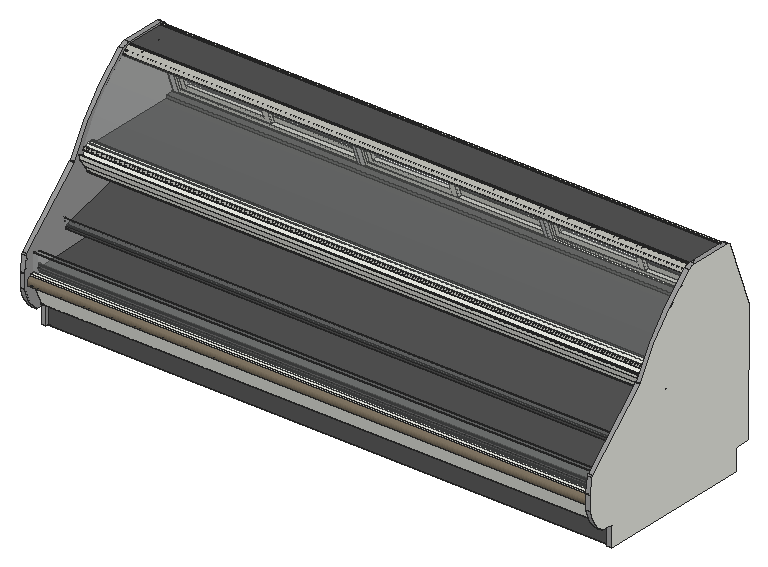
Revit family "CR3-B_2014", category Specialty Equipment, Revit 2014 (continued)
Automatic sketch dimensions
  Extrusion 4 sketch curve to Extrusion 4 sketch curve = 1/16"
  Extrusion 4 sketch curve to Extrusion 4 sketch curve = 0.00996"
  Extrusion 4 sketch curve to Extrusion 4 sketch curve = 0.06037"
  Extrusion 4 sketch curve to Extrusion 4 sketch curve = 1.03228"
  Extrusion 4 sketch curve to Extrusion 4 sketch curve = 0.002"
  Extrusion 4 sketch curve to Extrusion 4 sketch curve = 0.07433"
  Extrusion 4 sketch curve to Extrusion 4 sketch curve = 0.05894"
  Extrusion 4 sketch curve to Extrusion 4 sketch curve = 0.942"
  Extrusion 4 sketch curve to Extrusion 4 sketch curve = 0.437"
  Extrusion 4 sketch curve to Extrusion 4 sketch curve = 1.30099"
  Extrusion 4 sketch curve to Extrusion 4 sketch curve = 0.321"  (x2)
  Extrusion 4 sketch curve to Extrusion 4 sketch curve = 0.3835"
  Extrusion 4 sketch curve to Extrusion 4 sketch curve = 0.33171"
  Extrusion 4 sketch curve to Extrusion 4 sketch curve = 0.48743"
  Extrusion 4 sketch curve to Extrusion 4 sketch curve = 0.0925"  (x2)
  Extrusion 4 sketch curve to Extrusion 4 sketch curve = 0.71176"
  Extrusion 4 sketch curve to Extrusion 4 sketch curve = 0.95999"
  level to Extrusion 4 sketch curve = 7.41108"
  Extrusion 4 sketch curve to Extrusion 4 sketch curve = 0.70692"
  Extrusion 4 sketch curve to Extrusion 4 sketch curve = 0.92046"
  Extrusion 4 sketch curve to Extrusion 4 sketch curve = 0.03"
  Extrusion 4 sketch curve to Extrusion 4 sketch curve = 0.57125"
  Extrusion 4 sketch curve to Extrusion 4 sketch curve = 0.01129"
  Extrusion 4 sketch curve to Extrusion 4 sketch curve = 0.18131"
  Extrusion 4 sketch curve to Extrusion 4 sketch curve = 0.02229"
  Extrusion 4 sketch curve to Extrusion 4 sketch curve = 2.51608"
  Extrusion 4 sketch curve to Extrusion 4 sketch curve = 0.234"
  Extrusion 4 sketch curve to Extrusion 4 sketch curve = 3.88125"
  Extrusion 4 sketch curve to Extrusion 4 sketch curve = 0.91209"
  Extrusion 4 sketch curve to Extrusion 4 sketch curve = 0.01618"
  Extrusion 4 sketch curve to Extrusion 4 sketch curve = 0.09662"
  Extrusion 4 sketch curve to Extrusion 4 sketch curve = 0.11688"
  Extrusion 4 sketch curve to Extrusion 4 sketch curve = 1.62375"
  Extrusion 4 sketch curve to Extrusion 4 sketch curve = 0.1555"
  Extrusion 4 sketch curve to Extrusion 4 sketch curve = 0.062"
  Extrusion 4 sketch curve to Extrusion 4 sketch curve = 0.59641"
  Extrusion 4 sketch curve to Extrusion 4 sketch curve = 0.371"
  Extrusion 4 sketch curve to Extrusion 4 sketch curve = 0.24458"
  Extrusion 4 sketch curve to Extrusion 4 sketch curve = 12.24798"
  Extrusion 4 sketch curve to Extrusion 4 sketch curve = 0.00656"
  Extrusion 4 sketch curve to Extrusion 4 sketch curve = 0.39739"
  Extrusion 4 sketch curve to Extrusion 4 sketch curve = 0.32631"
  Extrusion 4 sketch curve to Extrusion 4 sketch curve = 0.39507"
  Extrusion 4 sketch curve to Extrusion 4 sketch curve = 2.2093"
  Extrusion 4 sketch curve to Extrusion 4 sketch curve = 0.96558"
  Extrusion 4 sketch curve to Extrusion 4 sketch curve = 0.01537"
  Extrusion 4 sketch curve to Extrusion 4 sketch curve = 1.40745"
  Extrusion 4 sketch curve to Extrusion 4 sketch curve = 1.95994"
  Extrusion 4 sketch curve to Extrusion 4 sketch curve = 0.22796"
  Extrusion 4 sketch curve to Extrusion 4 sketch curve = 0.43429"
  Extrusion 4 sketch curve to Extrusion 4 sketch curve = 0.4825"
  Extrusion 4 sketch curve to Extrusion 4 sketch curve = 0.17619"
  Extrusion 4 sketch curve to Extrusion 4 sketch curve = 0.12493"
  Extrusion 4 sketch curve to Extrusion 4 sketch curve = 1.46908"
  Extrusion 4 sketch curve to Extrusion 4 sketch curve = 0.03185"
  Extrusion 4 sketch curve to Extrusion 4 sketch curve = 2.01993"
  Extrusion 4 sketch curve to Extrusion 4 sketch curve = 0.68782"
  Extrusion 4 sketch curve to Extrusion 4 sketch curve = 0.00882"
  Extrusion 4 sketch curve to Extrusion 4 sketch curve = 0.37625"
  Extrusion 4 sketch curve to Extrusion 4 sketch curve = 0.06078"
  Extrusion 4 sketch curve to Extrusion 4 sketch curve = 0.07809"
  Extrusion 4 sketch curve to Extrusion 4 sketch curve = 4.12766"
  Extrusion 4 sketch curve to Extrusion 4 sketch curve = 0.01127"
  Extrusion 4 sketch curve to Extrusion 4 sketch curve = 0.16976"
  Extrusion 4 sketch curve to Extrusion 4 sketch curve = 0.01077"
  Extrusion 4 sketch curve to Extrusion 4 sketch curve = 0.25301"
  Extrusion 4 sketch curve to Extrusion 4 sketch curve = 0.0054"
  Extrusion 4 sketch curve to Extrusion 4 sketch curve = 0.11679"
  Extrusion 4 sketch curve to Extrusion 4 sketch curve = 35/128"
  Extrusion 4 sketch curve to Extrusion 4 sketch curve = 0.98246"
  Extrusion 4 sketch curve to Extrusion 4 sketch curve = 0.00402"
  Extrusion 4 sketch curve to Extrusion 4 sketch curve = 0.52991"
  Extrusion 4 sketch curve to Extrusion 4 sketch curve = 0.12516"
  Extrusion 4 sketch curve to Extrusion 4 sketch curve = 0.00521"
  Extrusion 4 sketch curve to Extrusion 4 sketch curve = 0.5022"
  Extrusion 4 sketch curve to Extrusion 4 sketch curve = 0.30902"
  Extrusion 4 sketch curve to Extrusion 4 sketch curve = 0.03957"
  Extrusion 4 sketch curve to Extrusion 4 sketch curve = 0.82"
  Extrusion 4 sketch curve to Extrusion 4 sketch curve = 0.0258"
  Extrusion 4 sketch curve to Extrusion 4 sketch curve = 0.03743"
  Extrusion 4 sketch curve to Extrusion 4 sketch curve = 0.03257"
  Extrusion 4 sketch curve to Extrusion 4 sketch curve = 0.03732"
  Extrusion 4 sketch curve to Extrusion 4 sketch curve = 0.15477"
  Extrusion 4 sketch curve to Extrusion 4 sketch curve = 0.04499"
  Extrusion 4 sketch curve to Extrusion 4 sketch curve = 0.435"  (x2)
  Extrusion 4 sketch curve to Extrusion 4 sketch curve = 0.50144"
  Extrusion 4 sketch curve to Extrusion 4 sketch curve = 0.00074"
  Extrusion 4 sketch curve to Extrusion 4 sketch curve = 0.03381"
  Extrusion 5 sketch curve to Extrusion 5 sketch curve = 0"  (x3)
  Extrusion 5 sketch curve to Extrusion 5 sketch curve = 0.06362"
  Extrusion 5 sketch curve to Extrusion 5 sketch curve = 0.07036"
  Extrusion 5 sketch curve to Extrusion 5 sketch curve = 0.03426"
  Extrusion 5 sketch curve to Extrusion 5 sketch curve = 0.0544"
  Extrusion 5 sketch curve to Extrusion 5 sketch curve = 0.06497"
  Extrusion 5 sketch curve to Extrusion 5 sketch curve = 0.03498"  (x2)
  Extrusion 5 sketch curve to Extrusion 5 sketch curve = 0.02998"
  Extrusion 5 sketch curve to Extrusion 5 sketch curve = 0.00096"
  Extrusion 5 sketch curve to Extrusion 5 sketch curve = 0.00112"
  Extrusion 5 sketch curve to Extrusion 5 sketch curve = 0.01358"
  plane 1 "Back" to Extrusion 5 sketch curve = 21.46057"
  Extrusion 5 sketch curve to Extrusion 5 sketch curve = 0.688"
  level to Extrusion 5 sketch curve = 14.03416"
  Extrusion 5 sketch curve to Extrusion 5 sketch curve = 0.42262"
  Extrusion 5 sketch curve to Extrusion 5 sketch curve = 0.0279"
  Extrusion 5 sketch curve to Extrusion 5 sketch curve = 0.6195"
  Extrusion 5 sketch curve to Extrusion 5 sketch curve = 0.00718"
  Extrusion 5 sketch curve to Extrusion 5 sketch curve = 0.43597"
  Extrusion 5 sketch curve to Extrusion 5 sketch curve = 0.01333"
  Extrusion 5 sketch curve to Extrusion 5 sketch curve = 9.29785"
  Extrusion 6 sketch curve to Extrusion 6 sketch curve = 0.06041"
  Extrusion 6 sketch curve to Extrusion 6 sketch curve = 0.16871"
  Extrusion 6 sketch curve to Extrusion 6 sketch curve = 0.06028"
  Extrusion 6 sketch curve to Extrusion 6 sketch curve = 0.00013"
  Extrusion 6 sketch curve to Extrusion 6 sketch curve = 0.01605"
  Extrusion 6 sketch curve to Extrusion 6 sketch curve = 0.20224"
  Extrusion 6 sketch curve to Extrusion 6 sketch curve = 0.04419"
  Extrusion 6 sketch curve to Extrusion 6 sketch curve = 0.06037"  (x4)
  Extrusion 6 sketch curve to Extrusion 6 sketch curve = 0.25343"
  Extrusion 6 sketch curve to Extrusion 6 sketch curve = 0.58875"
  Extrusion 6 sketch curve to Extrusion 6 sketch curve = 0.56443"
  Extrusion 6 sketch curve to Extrusion 6 sketch curve = 0.02594"
  Extrusion 6 sketch curve to Extrusion 6 sketch curve = 0.03864"
  Extrusion 6 sketch curve to Extrusion 6 sketch curve = 0.01757"
  Extrusion 6 sketch curve to Extrusion 6 sketch curve = 0.8447"
  Extrusion 6 sketch curve to Extrusion 6 sketch curve = 0.03897"
  Extrusion 6 sketch curve to Extrusion 6 sketch curve = 0.08331"
  Extrusion 6 sketch curve to Extrusion 6 sketch curve = 0.00906"  (x2)
  Extrusion 6 sketch curve to Extrusion 6 sketch curve = 0.03381"
  Extrusion 6 sketch curve to Extrusion 6 sketch curve = 0.08021"
  Extrusion 6 sketch curve to Extrusion 6 sketch curve = 0.03427"
  Extrusion 6 sketch curve to Extrusion 6 sketch curve = 0.03335"  (x2)
  Extrusion 6 sketch curve to Extrusion 6 sketch curve = 0.52078"
  Extrusion 6 sketch curve to Extrusion 6 sketch curve = 0.01551"
  Extrusion 6 sketch curve to Extrusion 6 sketch curve = 0.06761"
  Extrusion 6 sketch curve to Extrusion 6 sketch curve = 13.05208"
  Extrusion 6 sketch curve to Extrusion 6 sketch curve = 0.01618"  (x4)
  Extrusion 6 sketch curve to Extrusion 6 sketch curve = 0.19411"
  level to Extrusion 6 sketch curve = 19.52816"
  Extrusion 6 sketch curve to Extrusion 6 sketch curve = 0.04594"
  Extrusion 6 sketch curve to Extrusion 6 sketch curve = 0.00048"
  Extrusion 6 sketch curve to Extrusion 6 sketch curve = 0.06775"
  Extrusion 6 sketch curve to Extrusion 6 sketch curve = 0.09835"
  Extrusion 6 sketch curve to Extrusion 6 sketch curve = 0.03045"
  Extrusion 6 sketch curve to Extrusion 6 sketch curve = 0.11828"
  Extrusion 6 sketch curve to Extrusion 6 sketch curve = 0.06155"
  Extrusion 6 sketch curve to Extrusion 6 sketch curve = 0.19448"
  Extrusion 6 sketch curve to Extrusion 6 sketch curve = 0.00806"
  Extrusion 6 sketch curve to Extrusion 6 sketch curve = 0.73078"
  Extrusion 6 sketch curve to Extrusion 6 sketch curve = 0.04343"
  Extrusion 6 sketch curve to Extrusion 6 sketch curve = 0.15767"
  Extrusion 6 sketch curve to Extrusion 6 sketch curve = 0.03611"
  Extrusion 6 sketch curve to Extrusion 6 sketch curve = 0.29027"
  Extrusion 6 sketch curve to Extrusion 6 sketch curve = 0.02232"
  Extrusion 6 sketch curve to Extrusion 6 sketch curve = 3.49547"
  Extrusion 6 sketch curve to Extrusion 6 sketch curve = 0.72444"
  Extrusion 7 sketch curve to Extrusion 7 sketch curve = 0.12074"  (x2)
  Extrusion 7 sketch curve to Extrusion 7 sketch curve = 0.71175"
  Extrusion 7 sketch curve to Extrusion 7 sketch curve = 0.24152"
  level to Extrusion 7 sketch curve = 19.59182"
  Extrusion 7 sketch curve to Extrusion 7 sketch curve = 0.06457"
  Extrusion 7 sketch curve to Extrusion 7 sketch curve = 2.6563"
  Extrusion 7 sketch curve to Extrusion 7 sketch curve = 0.03235"
  Extrusion 8 sketch curve to Extrusion 8 sketch curve = 0.23743"
  Extrusion 8 sketch curve to Extrusion 8 sketch curve = 1/4"
  level to Extrusion 8 sketch curve = 13.11258"
  Extrusion 8 sketch curve to Extrusion 8 sketch curve = 5.49984"
  level to Extrusion 9 sketch curve = 11.47878"
  Extrusion 9 sketch curve to Extrusion 9 sketch curve = 1 1/4"
  level to Extrusion 12 sketch curve = 0.02008"
  Extrusion 12 sketch curve to Extrusion 12 sketch curve = 0.035"  (x3)
  Extrusion 12 sketch curve to level = 0.01492"  (x2)
  Extrusion 12 sketch curve to Extrusion 12 sketch curve = 29/64"
  Extrusion 12 sketch curve to Extrusion 12 sketch curve = 3/64"  (x2)
  Extrusion 12 sketch curve to Extrusion 12 sketch curve = 0.08188"
  plane 1 "Back" to Extrusion 12 sketch curve = 4.19387"
  level to Extrusion 12 sketch curve = 0.05241"
  Extrusion 12 sketch curve to Extrusion 12 sketch curve = 0.30277"
  level to Extrusion 12 sketch curve = 0.08467"
  Extrusion 12 sketch curve to Extrusion 12 sketch curve = 0.01862"
  Extrusion 12 sketch curve to Extrusion 12 sketch curve = 0.36323"
  level to Extrusion 12 sketch curve = 5/256"
  Extrusion 12 sketch curve to Extrusion 12 sketch curve = 0.00608"
  Extrusion 12 sketch curve to Extrusion 12 sketch curve = 3/8"  (x2)
  level to Extrusion 12 sketch curve = 0.45495"
  Extrusion 12 sketch curve to Extrusion 12 sketch curve = 0.01274"
  Extrusion 12 sketch curve to Extrusion 12 sketch curve = 4.68"
  Extrusion 12 sketch curve to Extrusion 12 sketch curve = 5.01739"
  Extrusion 16 sketch curve to Extrusion 16 sketch curve = 0.24987"
  level to Extrusion 16 sketch curve = 14.52078"
  Extrusion 16 sketch curve to Extrusion 16 sketch curve = 0.00803"
  Extrusion 19 sketch curve to Extrusion 19 sketch curve = 3.10211"
  Extrusion 19 sketch curve to Extrusion 19 sketch curve = 2.4486"
  Extrusion 19 sketch curve to Extrusion 19 sketch curve = 0.72957"
  Extrusion 19 sketch curve to Extrusion 19 sketch curve = 2.09477"
  Extrusion 19 sketch curve to Extrusion 19 sketch curve = 0.76243"
  Extrusion 20 sketch curve to Extrusion 20 sketch curve = 3.10211"
  Extrusion 20 sketch curve to Extrusion 20 sketch curve = 2.4486"
  Extrusion 20 sketch curve to Extrusion 20 sketch curve = 0.72957"
  Extrusion 20 sketch curve to Extrusion 20 sketch curve = 2.09477"
  Extrusion 20 sketch curve to Extrusion 20 sketch curve = 0.76243"
  Extrusion 25 sketch curve to Extrusion 25 sketch curve = 3.10211"
  Extrusion 25 sketch curve to Extrusion 25 sketch curve = 2.4486"
  Extrusion 25 sketch curve to Extrusion 25 sketch curve = 0.72957"
  Extrusion 25 sketch curve to Extrusion 25 sketch curve = 2.09477"
  Extrusion 25 sketch curve to Extrusion 25 sketch curve = 0.76243"
  Extrusion 26 sketch curve to Extrusion 26 sketch curve = 3.10211"
  Extrusion 26 sketch curve to Extrusion 26 sketch curve = 2.4486"
  Extrusion 26 sketch curve to Extrusion 26 sketch curve = 0.72957"
  Extrusion 26 sketch curve to Extrusion 26 sketch curve = 2.09477"
  Extrusion 26 sketch curve to Extrusion 26 sketch curve = 0.76243"
  Extrusion 27 sketch curve to Extrusion 27 sketch curve = 3.10211"
  Extrusion 27 sketch curve to Extrusion 27 sketch curve = 2.4486"
  Extrusion 27 sketch curve to Extrusion 27 sketch curve = 0.72957"
  Extrusion 27 sketch curve to Extrusion 27 sketch curve = 2.09477"
  Extrusion 27 sketch curve to Extrusion 27 sketch curve = 0.76243"
  Extrusion 31 sketch curve to Extrusion 31 sketch curve = 3.10211"
  Extrusion 31 sketch curve to Extrusion 31 sketch curve = 2.4486"
  Extrusion 31 sketch curve to Extrusion 31 sketch curve = 0.72957"
  Extrusion 31 sketch curve to Extrusion 31 sketch curve = 2.09477"
  Extrusion 31 sketch curve to Extrusion 31 sketch curve = 0.76243"
  Extrusion 32 sketch curve to Extrusion 32 sketch curve = 3.10211"
  Extrusion 32 sketch curve to Extrusion 32 sketch curve = 2.4486"
  Extrusion 32 sketch curve to Extrusion 32 sketch curve = 0.72957"
  Extrusion 32 sketch curve to Extrusion 32 sketch curve = 2.09477"
  Extrusion 32 sketch curve to Extrusion 32 sketch curve = 0.76243"
  Extrusion 33 sketch curve to Extrusion 33 sketch curve = 3.10211"
  Extrusion 33 sketch curve to Extrusion 33 sketch curve = 2.4486"
  Extrusion 33 sketch curve to Extrusion 33 sketch curve = 0.72957"
  Extrusion 33 sketch curve to Extrusion 33 sketch curve = 2.09477"
  Extrusion 33 sketch curve to Extrusion 33 sketch curve = 0.76243"
  Extrusion 37 sketch curve to Extrusion 37 sketch curve = 3.10211"
  Extrusion 37 sketch curve to Extrusion 37 sketch curve = 2.4486"
  Extrusion 37 sketch curve to Extrusion 37 sketch curve = 0.72957"
  Extrusion 37 sketch curve to Extrusion 37 sketch curve = 2.09477"
  Extrusion 37 sketch curve to Extrusion 37 sketch curve = 0.76243"
  Extrusion 38 sketch curve to Extrusion 38 sketch curve = 3.10211"
  Extrusion 38 sketch curve to Extrusion 38 sketch curve = 2.4486"
  Extrusion 38 sketch curve to Extrusion 38 sketch curve = 0.72957"
  Extrusion 38 sketch curve to Extrusion 38 sketch curve = 2.09477"
  Extrusion 38 sketch curve to Extrusion 38 sketch curve = 0.76243"
  Extrusion 41 sketch curve to Extrusion 41 sketch curve = 3.10211"
  Extrusion 41 sketch curve to Extrusion 41 sketch curve = 2.4486"
  Extrusion 41 sketch curve to Extrusion 41 sketch curve = 0.72957"
  Extrusion 41 sketch curve to Extrusion 41 sketch curve = 2.09477"
  Extrusion 41 sketch curve to Extrusion 41 sketch curve = 0.76243"
  Extrusion 42 sketch curve to Extrusion 42 sketch curve = 3.10211"
  Extrusion 42 sketch curve to Extrusion 42 sketch curve = 2.4486"
  Extrusion 42 sketch curve to Extrusion 42 sketch curve = 0.72957"
  Extrusion 42 sketch curve to Extrusion 42 sketch curve = 2.09477"
  Extrusion 42 sketch curve to Extrusion 42 sketch curve = 0.76243"
  Extrusion 4 sketch curve to Extrusion 4 sketch curve = 0.22465"
  Extrusion 4 sketch curve to Extrusion 4 sketch curve = 0.92417"
  Extrusion 4 sketch curve to Extrusion 4 sketch curve = 0.21425"
  plane 1 "Back" to Extrusion 4 sketch curve = 0.33657"
  plane 8 to Extrusion 4 sketch curve = 0.09572"
  Extrusion 4 sketch curve to Extrusion 4 sketch curve = 0.53"
  plane 8 to Extrusion 4 sketch curve = 3.18393"
  Extrusion 4 sketch curve to Extrusion 4 sketch curve = 0.05336"
  plane 8 to Extrusion 4 sketch curve = 3.50133"
  Extrusion 4 sketch curve to Extrusion 4 sketch curve = 0.785"
  Extrusion 4 sketch curve to Extrusion 4 sketch curve = 0.40118"
  Extrusion 4 sketch curve to Extrusion 4 sketch curve = 0.46779"
  Extrusion 4 sketch curve to plane 8 = 0.05343"
  Extrusion 4 sketch curve to plane 8 = 0.15672"
  plane 8 to Extrusion 10 sketch curve = 0.09233"
  plane 8 to Extrusion 10 sketch curve = 0.01698"
  Extrusion 10 sketch curve to plane 8 = 0.02831"
  Extrusion 10 sketch curve to Extrusion 10 sketch curve = 0.23622"
  Extrusion 10 sketch curve to Extrusion 10 sketch curve = 0.2303"
  level to Extrusion 11 sketch curve = 19.53233"
  plane 8 to Extrusion 11 sketch curve = 2.41645"
  Extrusion 11 sketch curve to Extrusion 11 sketch curve = 0.09901"
  Extrusion 11 sketch curve to Extrusion 11 sketch curve = 0.12395"
  Extrusion 11 sketch curve to Extrusion 11 sketch curve = 0.42972"
  Extrusion 11 sketch curve to Extrusion 11 sketch curve = 0.00406"
  Extrusion 11 sketch curve to Extrusion 11 sketch curve = 0.09396"
  Extrusion 11 sketch curve to Extrusion 11 sketch curve = 0.10363"
  Extrusion 11 sketch curve to Extrusion 11 sketch curve = 0.03523"
  Extrusion 11 sketch curve to Extrusion 11 sketch curve = 0.24706"
  Extrusion 11 sketch curve to Extrusion 11 sketch curve = 0.03896"
  Extrusion 11 sketch curve to Extrusion 11 sketch curve = 0.51233"
  Extrusion 11 sketch curve to Extrusion 11 sketch curve = 0.032"
  Extrusion 11 sketch curve to Extrusion 11 sketch curve = 0.07685"
  Extrusion 11 sketch curve to Extrusion 11 sketch curve = 0.11966"
  Extrusion 11 sketch curve to Extrusion 11 sketch curve = 0.00808"
  Extrusion 11 sketch curve to Extrusion 11 sketch curve = 0.04801"
  Extrusion 11 sketch curve to Extrusion 11 sketch curve = 0.04591"
  plane 8 to Extrusion 11 sketch curve = 0.34618"
  plane 8 to Extrusion 11 sketch curve = 0.26542"
  Extrusion 11 sketch curve to Extrusion 11 sketch curve = 0.03859"
  plane 8 to Extrusion 11 sketch curve = 0.09572"
  Extrusion 11 sketch curve to plane 8 = 0.13138"
  plane 8 to Extrusion 13 sketch curve = 18.06353"
  Extrusion 13 sketch curve to Extrusion 13 sketch curve = 0.3456"
  level to Extrusion 14 sketch curve = 19.53233"
  plane 8 to Extrusion 14 sketch curve = 17.70503"
  plane 9 to Extrusion 4 sketch curve = 6.06739"
  plane 9 to Extrusion 5 sketch curve = 3.77146"
  plane 9 to Extrusion 6 sketch curve = 12.37975"
  plane 9 to Extrusion 7 sketch curve = 11.90928"
  plane 9 to Extrusion 8 sketch curve = 1.89546"
  plane 9 to Extrusion 9 sketch curve = 0.9987"
  plane 9 to Extrusion 9 sketch curve = 1.27995"
  plane 8 to Extrusion 11 sketch curve = 17.50201"
  plane 9 to Extrusion 12 sketch curve = 7.25925"
  plane 9 to Extrusion 13 sketch curve = 20.82871"
  Extrusion 14 sketch curve to Extrusion 14 sketch curve = 13.37003"
  plane 9 to Extrusion 16 sketch curve = 3.59732"
  Extrusion 16 sketch curve to Extrusion 16 sketch curve = 0.12848"
  Extrusion 45 sketch curve to level = 0"
  Extrusion 45 sketch curve to plane 1 "Back" = 0"
  level to Extrusion 45 sketch curve = 4.82131"
  level to Extrusion 45 sketch curve = 5.0659"
  Extrusion 45 sketch curve to Extrusion 45 sketch curve = 1/2"  (x3)
  level to Extrusion 45 sketch curve = 8.20113"
  Extrusion 45 sketch curve to plane 9 = 0.56477"
  Extrusion 45 sketch curve to Extrusion 45 sketch curve = 5.99503"
  Extrusion 45 sketch curve to Extrusion 45 sketch curve = 7.97116"
  plane 9 to Extrusion 45 sketch curve = 0.13523"
  Extrusion 45 sketch curve to Extrusion 45 sketch curve = 3.55575"
  Extrusion 45 sketch curve to plane 9 = 0.55694"
  plane 9 to Extrusion 45 sketch curve = 0.71687"
  Extrusion 45 sketch curve to Extrusion 45 sketch curve = 3.85592"
  plane 9 to Extrusion 45 sketch curve = 0.0247"
  Extrusion 45 sketch curve to Extrusion 45 sketch curve = 0.10441"
  plane 9 to Extrusion 45 sketch curve = 0.23769"
  plane 8 to Extrusion 45 sketch curve = 19.4892"
  Extrusion 45 sketch curve to Extrusion 45 sketch curve = 0.51027"
  plane 8 to Extrusion 45 sketch curve = 16.3017"
  plane 8 to Extrusion 45 sketch curve = 2.47374"
  plane 8 to Extrusion 45 sketch curve = 0.17374"
  Extrusion 45 sketch curve to plane 8 = 0.06605"
  Extrusion 45 sketch curve to plane 8 = 0.52626"
  Extrusion 45 sketch curve to plane 1 "Back" = 16.495"
  Extrusion 45 sketch curve to Extrusion 45 sketch curve = 3.00118"
  plane 1 "Back" to Extrusion 45 sketch curve = 5.96807"
  Extrusion 45 sketch curve to Extrusion 45 sketch curve = 10.41409"
  plane 9 to Extrusion 45 sketch curve = 15.4361"
  Extrusion 45 sketch curve to Extrusion 45 sketch curve = 0.47919"
  plane 9 to Extrusion 45 sketch curve = 9.15022"
  Extrusion 45 sketch curve to Extrusion 45 sketch curve = 2.96898"
  Extrusion 45 sketch curve to Extrusion 45 sketch curve = 0"
  Extrusion 46 sketch curve to level = 0"
  Extrusion 46 sketch curve to plane 1 "Back" = 0"
  plane 1 "Back" to Extrusion 46 sketch curve = 1/2"
  Extrusion 46 sketch curve to Extrusion 46 sketch curve = 3.00118"
  plane 1 "Back" to Extrusion 46 sketch curve = 4.00118"
  Extrusion 46 sketch curve to plane 8 = 0.06605"
  plane 1 "Back" to Extrusion 46 sketch curve = 5.96807"
  Extrusion 46 sketch curve to plane 8 = 0.52626"
  Extrusion 46 sketch curve to Extrusion 46 sketch curve = 0.65765"
  plane 8 to Extrusion 46 sketch curve = 2.47374"
  Extrusion 46 sketch curve to Extrusion 46 sketch curve = 10.41409"
  plane 9 to Extrusion 46 sketch curve = 15.4361"
  Extrusion 46 sketch curve to Extrusion 46 sketch curve = 0.47919"
  plane 9 to Extrusion 46 sketch curve = 9.15022"
  plane 9 to Extrusion 46 sketch curve = 6.22457"
  Extrusion 46 sketch curve to Extrusion 46 sketch curve = 1/2"
  Extrusion 46 sketch curve to Extrusion 46 sketch curve = 2.46898"
  plane 9 to Extrusion 46 sketch curve = 0.71687"
  plane 9 to Extrusion 46 sketch curve = 0.23769"
  plane 9 to Extrusion 46 sketch curve = 0.13523"
  plane 9 to Extrusion 46 sketch curve = 0.0247"
  Extrusion 46 sketch curve to plane 9 = 0.55694"
  Extrusion 46 sketch curve to Extrusion 46 sketch curve = 1/128"
  level to Extrusion 46 sketch curve = 8.20113"
  Extrusion 46 sketch curve to plane 1 "Back" = 16.495"
  level to Extrusion 46 sketch curve = 4.82131"
  level to Extrusion 46 sketch curve = 5.0659"
  Extrusion 46 sketch curve to Extrusion 46 sketch curve = 5.99503"
  Extrusion 46 sketch curve to Extrusion 46 sketch curve = 3.55575"
  Extrusion 46 sketch curve to Extrusion 46 sketch curve = 3.85592"
  Extrusion 46 sketch curve to Extrusion 46 sketch curve = 0.10441"
  plane 8 to Extrusion 46 sketch curve = 19.4892"
  Extrusion 46 sketch curve to Extrusion 46 sketch curve = 0.51027"
  plane 8 to Extrusion 46 sketch curve = 16.3017"
  Extrusion 46 sketch curve to Extrusion 46 sketch curve = 0"
  Extrusion 1 sketch curve to Extrusion 1 sketch curve = 0"  (x2)
  Extrusion 2 sketch curve to Extrusion 2 sketch curve = 0"
  Extrusion 3 sketch curve to Extrusion 3 sketch curve = 0"
  curve 8 to plane 3 "Left" = 0"
  curve 8 to plane 6 "Right" = 0"
  plane 1 "Back" to curve 1 = 0"
  plane 1 "Back" to curve 4 = 0"
  plane 1 "Back" to curve 2 = 0"
  plane 1 "Back" to curve 3 = 0"
  plane 1 "Back" to curve 5 = 0"
  curve 3 to plane 9 = 1 5/16"
  curve 4 to plane 9 = 1 5/16"
  curve 2 to plane 9 = 1 5/16"
  curve 5 to plane 9 = 1 5/16"
  curve 1 to plane 9 = 1 5/16"
  Extrusion 15 sketch curve to Extrusion 15 sketch curve = 0"  (x3)
  plane 4 "Center (Left/Right)" to Extrusion 15 sketch curve = 5"
Nested families (in)
  nested 1: "Floor Support - Pegs" at (-75.99499, -30.6875, 0), type "Floor Support - Pegs"
  nested 2: "Floor Support - Pegs" at (65.38051, -30.6875, 0), type "Floor Support - Pegs"
  nested 3: "Service Doors - 110deg - 48" at (18.69301, -25.0591, 11.25191), visible <- "12 Case", type "Service Doors - 110deg - 48"
  nested 4: "Light" at (-5.30699, -5.50716, -2.18133), type "Light"
  nested 5: "Light" at (-5.30699, -20.5797, -21.84835), type "Light"
  nested 6: "Light" at (-5.30699, -27.6863, -31.8452), type "Light"
  nested 7: "Service Doors - 110deg - 48" at (-29.30699, -25.0591, 11.25191), visible <- "12 Case", type "Service Doors - 110deg - 48"
  nested 8: "Service Doors - 110deg - 48" at (-77.30699, -25.0591, 11.25191), visible <- "12 Case", type "Service Doors - 110deg - 48"
  nested 9: "Service Doors - 110deg - 48" at (18.69301, -25.0591, 11.25191), visible <- "12 Case", type "Service Doors - 110deg - 48", not visible
  nested 10: "Service Doors - 110deg - 48" at (-29.30699, -25.0591, 11.25191), visible <- "12 Case", type "Service Doors - 110deg - 48", not visible
  nested 11: "Service Doors - 110deg - 48" at (-77.30699, -25.0591, 11.25191), visible <- "12 Case", type "Service Doors - 110deg - 48", not visible
  nested 12: "Service Doors - 110deg - 48" at (-29.30699, -25.0591, 11.25191), visible <- "8 Case", type "Service Doors - 110deg - 48"
  nested 13: "Service Doors - 110deg - 48" at (-77.30699, -25.0591, 11.25191), visible <- "8 Case", type "Service Doors - 110deg - 48"
  nested 14: "Service Doors - 110deg - 48" at (-29.30699, -25.0591, 11.25191), visible <- "8 Case", type "Service Doors - 110deg - 48", not visible
  nested 15: "Service Doors - 110deg - 48" at (-77.30699, -25.0591, 11.25191), visible <- "8 Case", type "Service Doors - 110deg - 48", not visible
  nested 16: "Service Doors - 110deg - 48" at (-77.30699, -25.0591, 11.25191), visible <- "4 Case", type "Service Doors - 110deg - 48"
  nested 17: "Service Doors - 110deg - 48" at (-77.30699, -25.0591, 11.25191), visible <- "4 Case", type "Service Doors - 110deg - 48", not visible
  nested 18: "Service Doors - 110deg - 60" at (-17.30699, -25.0591, 11.25191), visible <- "10 Case", type "Service Doors - 110deg - 60"
  nested 19: "Service Doors - 110deg - 60" at (-110.99499, -25.0591, 11.25191), visible <- "10 Case", type "Service Doors - 110deg - 60", not visible
  nested 20: "Service Doors - 110deg - 60" at (-77.30699, -25.0591, 11.25191), visible <- "10 Case", type "Service Doors - 110deg - 60"
  nested 21: "Service Doors - 110deg - 60" at (-170.99499, -25.0591, 11.25191), visible <- "10 Case", type "Service Doors - 110deg - 60", not visible
  nested 22: "Service Doors - 110deg - 72" at (-77.30699, -25.0591, 11.25191), visible <- "6 Case", type "Service Doors - 110deg - 72"
  nested 23: "Service Doors - 110deg - 72" at (-72.99499, -14.67418, 0), visible <- "6 Case", type "Service Doors - 110deg - 72", not visible
  nested 24: "Sliding Doors" at (-77.30699, -0.27157, 7.54708), type "Sliding Doors"
  nested 25: "Shelf Braket - 02" at (-75.99499, -21.46057, 19.51458), type "Shelf Braket - 02"
  nested 26: "Shelf Braket - 02" at (65.38051, -21.46057, 19.51458), type "Shelf Braket - 02"
  nested 27: "Floor Support - Pegs" at (-28.86982, -30.6875, 0), type "Floor Support - Pegs"
  nested 28: "Shelf Braket - 02" at (-28.86982, -21.46057, 19.51458), type "Shelf Braket - 02"
  nested 29: "Floor Support - Pegs" at (18.25535, -30.6875, 0), type "Floor Support - Pegs"
  nested 30: "Shelf Braket - 02" at (18.25535, -21.46057, 19.51458), type "Shelf Braket - 02"
Connectors (in)
  piping at (-13.43199, -38.875, 0), diameter 1.5, driven by "Waste Drain"
    settings: on Extrusion 1, index 8, connector inside diameter 1 1/4", connector length 0", flow factor 0, pipe flow 0 GPM, pressure drop 0.00 psi, fitting loss kfactor 0, connector angle 0.00°, fixture units 0, engagement length 0", angle of deflection 0.00°, flow configuration 0, flow direction 0, fitting loss method 0, system type 16, joint type 0, gender type 0, connector reference index -1, connector utility 0, adjustable connector no, is connector primary yes, connector description "1 1/4\""
  piping at (60.38051, -37.125, 0), diameter 0.625, driven by "Refrig. Suction", driven by "Refrigeration Lines Suction"
    settings: on Extrusion 2, index 9, connector inside diameter 7/8", connector length 0", flow factor 0, pipe flow 0 GPM, pressure drop 0.00 psi, fitting loss kfactor 0, connector angle 0.00°, fixture units 0, engagement length 0", angle of deflection 0.00°, flow configuration 0, flow direction 2, fitting loss method 0, system type 22, joint type 0, gender type 0, connector reference index -1, connector utility 0, adjustable connector no, is connector primary no, connector description "Suction"
  piping at (60.88051, -37.125, 0), diameter 0.375, driven by "Refrig. Liquid", driven by "Refrigeration Lines Liquid"
    settings: on Extrusion 3, index 10, connector inside diameter 3/8", connector length 0", flow factor 0, pipe flow 0 GPM, pressure drop 0.00 psi, fitting loss kfactor 0, connector angle 0.00°, fixture units 0, engagement length 0", angle of deflection 0.00°, flow configuration 0, flow direction 1, fitting loss method 0, system type 22, joint type 0, gender type 0, connector reference index -1, connector utility 0, adjustable connector no, is connector primary no, connector description "Liquid"
  piping at (-0.30699, -17.375, 0), diameter 1.5, driven by "Waste Drain"
    settings: on Extrusion 15, index 13, connector inside diameter 1 1/4", connector length 0", flow factor 0, pipe flow 0 GPM, pressure drop 0.00 psi, fitting loss kfactor 0, connector angle 0.00°, fixture units 0, engagement length 0", angle of deflection 0.00°, flow configuration 0, flow direction 0, fitting loss method 0, system type 16, joint type 0, gender type 0, connector reference index -1, connector utility 0, adjustable connector no, is connector primary no, connector description ""
Definition of nested family "Floor Support - Pegs"
  Parameters (values of type "Floor Support - Pegs")
    Leg = Stainless Steel
    Height = 6"
    Depth = 35 3/4"
  Reference planes (in)
    plane 1 "Center (Front/Back)": y = 6.9375
    plane 2: z = 0
    plane 3 "Center (Left/Right)": x = 0
    plane 4: z = 6
    plane 5: y = 24.8125
    plane 6: y = -10.9375
  Forms (in)
    Revolve 1, solid, material "Stainless Steel" <- "Leg"
      sketch origin (0, 0, 0) x (0, 1, 0) y (0, 0, 1)
        loop
          line (-10.9375, 0) -> (-10.4375, 0) -> (-10.4375, 1.00794)
          arc (-10.4375, 1.00794) -> (-10.21653, 1.09947) -> (-10.125, 1.32044) r 0.3125
          line (-10.125, 1.32044) -> (-10.125, 3.375) -> (-10, 3.375) -> (-10, 6) -> (-10.9375, 6) -> (-10.9375, 0)
        axis (-10.9375, 0) -> (-10.9375, 6)
      angle from 0 to 360
    Revolve 2, solid, material "Stainless Steel" <- "Leg"
      sketch origin (0, 35.75, 0) x (0, 1, 0) y (0, 0, 1)
        loop
          line (-10.9375, 0) -> (-10.4375, 0) -> (-10.4375, 1.00794)
          arc (-10.4375, 1.00794) -> (-10.21653, 1.09947) -> (-10.125, 1.32044) r 0.3125
          line (-10.125, 1.32044) -> (-10.125, 3.375) -> (-10, 3.375) -> (-10, 6) -> (-10.9375, 6) -> (-10.9375, 0)
        axis (-10.9375, 0) -> (-10.9375, 6)
      angle from 0 to 360
  Dimensions and locks (in)
    "Height": plane 4 to level
    Revolve 1 sketch curve to Revolve 1 sketch curve = 5/16"
    locked: Revolve 1 sketch curve to Revolve 1 sketch curve at 0.5
    "Depth": plane 6 to plane 5
    equal spacing: plane 6, plane 1 "Center (Front/Back)", plane 5
    plane 4 to Revolve 1 sketch curve = 2 5/8"
    locked: Revolve 1 sketch curve to Revolve 1 sketch curve at 0.125
    Revolve 2 sketch curve to Revolve 2 sketch curve = 5/16"
    locked: Revolve 2 sketch curve to Revolve 2 sketch curve at 0.5
    locked: Revolve 2 sketch curve to Revolve 2 sketch curve at 0.125
    aligned and locked: plane 2 to level
    aligned and locked: Revolve 1 sketch curve to Revolve 1 sketch curve
    aligned and locked: plane 6 to Revolve 1 sketch curve
    aligned and locked: Revolve 2 sketch curve to Revolve 2 sketch curve
    aligned and locked: plane 5 to Revolve 2 sketch curve
  Automatic sketch dimensions
    Revolve 1 sketch curve to level = 0"  (x2)
    Revolve 1 sketch curve to plane 4 = 0"  (x2)
    Revolve 1 sketch curve to Revolve 1 sketch curve = 1.00794"
    Revolve 2 sketch curve to level = 0"  (x2)
    Revolve 2 sketch curve to plane 4 = 0"  (x2)
    level to Revolve 2 sketch curve = 1.00794"
    Revolve 2 sketch curve to Revolve 2 sketch curve = 2.05456"
Definition of nested family "Service Doors - 110deg - 48"
  Parameters (values of type "Service Doors - 110deg - 48")
    Glazing = Glass
    Door Frame = Plastic - 144 Mist Gray
  Reference planes (in)
    plane 1 "Center (Front/Back)": y = 25.29918
    plane 2: z = 0
    plane 3 "Center (Left/Right)": x = 0
  Forms (in)
    Sweep 1, solid, material "Plastic - 144 Mist Gray" <- "Door Frame"
      path in 3D
        loop
          line (48, 19.82686, 39.76221) -> (0, 19.82686, 39.76221) -> (0, 25.29918, 24.72713) -> (48, 25.29918, 24.72713) -> (48, 19.82686, 39.76221)
      profile origin (24, 19.82686, 39.76221) x (0, -0.999433, -0.03367) y (0, -0.03367, 0.999433)
        loop
          line (0.22211, -0.07247) -> (0, 0) -> (-0.46528, -1.42601) -> (1.67266, -2.12358) -> (1.98285, -1.17291) -> (0.08303, -0.55303) -> (0.22211, -0.07247)
    Extrusion 2, solid, material "Plastic - 144 Mist Gray" <- "Door Frame"
      sketch origin (1.5, 18.22664, 37.58351) x (0, 0.34202, -0.939693) y (0, 0.939693, 0.34202)
        loop
          line (0, 0.25) -> (13, 0.25) -> (13, 1.0625) -> (0, 1.0625) -> (0, 0.25)
      from 0 to 23
    Extrusion 3, solid, material "Plastic - 144 Mist Gray" <- "Door Frame"
      sketch origin (46.5, 22.67291, 25.36751) x (0, -0.34202, 0.939693) y (0, 0.939693, 0.34202)
        loop
          line (13, 1.875) -> (0, 1.875) -> (0, 1.0625) -> (13, 1.0625) -> (13, 1.875)
      from 0 to 23
    Extrusion 4, void
      sketch origin (46.5, 16.02328, 49.11934) x (0, -0.34202, 0.939693) y (-1, 0, 0)
        loop
          line (-23.09373, 21.5) -> (-23.09373, 1.5) -> (-13.09373, 1.5) -> (-13.09373, 21.5) -> (-23.09373, 21.5)
      from 0 to 0.8125
    Extrusion 5, void
      sketch origin (1.5, 18.28571, 38.15219) x (0, -0.34202, 0.939693) y (1, 0, 0)
        loop
          line (-2.01418, 21.5) -> (-12.01418, 21.5) -> (-12.01418, 1.5) -> (-2.01418, 1.5) -> (-2.01418, 21.5)
      from 0 to 0.8125
    Extrusion 6, solid, material "Glass" <- "Glazing"
      sketch origin (25, 24.43483, 26.0088) x (0, -0.34202, 0.939693) y (0, -0.939693, -0.34202)
        loop
          line (1.5, 0.1875) -> (13, 0.1875) -> (13, 0.625) -> (1.5, 0.625) -> (1.5, 0.1875)
      from 0 to 20
    Extrusion 7, solid, material "Glass" <- "Glazing"
      sketch origin (23, 18.46157, 37.66902) x (0, 0.34202, -0.939693) y (0, -0.939693, -0.34202)
        loop
          line (1.5, -0.625) -> (13, -0.625) -> (13, -0.1875) -> (1.5, -0.1875) -> (1.5, -0.625)
      from 0 to 20
  Cuts and joins
    Extrusion 4 cuts Extrusion 3
    Extrusion 5 cuts Extrusion 2
  Lines and regions (in)
    sketch lines
      curve 1: line (48, 25.29918, 24.72713) -> (48, 19.82686, 39.76221)
      curve 2: line (0, 19.82686, 39.76221) -> (0, 25.29918, 24.72713)
      curve 3: line (48, 19.82686, 39.76221) -> (0, 19.82686, 39.76221)
      curve 4: line (48, 25.29918, 24.72713) -> (0, 25.29918, 24.72713)
  Dimensions and locks (in)
    Extrusion 2 to Extrusion 3 = 45"
    plane 3 "Center (Left/Right)" to Sweep 1 = 48"
    Sweep 1 to Sweep 1 = 1 1/2"
    locked: cut or joined group of Extrusion 3, Extrusion 4 to Extrusion 4 sketch curve at 1.5
    locked: Extrusion 5 sketch curve to cut or joined group of Extrusion 2, Extrusion 5 at 1.5
    Sweep 1 to Sweep 1 = 16"
    locked: cut or joined group of Extrusion 2, Extrusion 5 to Extrusion 5 sketch curve at 1.5  (x2)
    locked: Sweep 1 to Extrusion 5 sketch curve at 1.5
    locked: Extrusion 4 sketch curve to Sweep 1 at 1.5  (x3)
    Sweep 1 to Sweep 1 = 45"
    angle level to Sweep 1 = 110.00°
    aligned and locked: plane 2 to level
    aligned and locked: Extrusion 3 to Sweep 1  (x3)
    aligned and locked: Extrusion 2 to Sweep 1
    aligned and locked: Extrusion 6 to cut or joined group of Extrusion 3, Extrusion 4
    aligned and locked: cut or joined group of Extrusion 3, Extrusion 4 to Extrusion 6
    aligned and locked: cut or joined group of Extrusion 2, Extrusion 5 to Extrusion 7
    aligned and locked: plane 1 "Center (Front/Back)" to Sweep 1
    aligned and locked: Sweep 1 to Extrusion 2 sketch curve  (x2)
    aligned and locked: cut or joined group of Extrusion 2, Extrusion 5 to Extrusion 7 sketch curve
    aligned and locked: Extrusion 7 sketch curve to Sweep 1
    aligned and locked: Sweep 1 to Extrusion 3 sketch curve  (x2)
    aligned and locked: Extrusion 6 sketch curve to Sweep 1
    aligned and locked: Extrusion 6 sketch curve to cut or joined group of Extrusion 3, Extrusion 4
Definition of nested family "Service Doors - 110deg - 60"
  Parameters (values of type "Service Doors - 110deg - 60")
    Glazing = Glass
    Door Frame = Plastic - 144 Mist Gray
  Reference planes (in)
    plane 1 "Center (Front/Back)": y = 25.29918
    plane 2: z = 0
    plane 3 "Center (Left/Right)": x = 0
  Forms (in)
    Sweep 1, solid, material "Plastic - 144 Mist Gray" <- "Door Frame"
      path in 3D
        loop
          line (60, 19.82686, 39.76221) -> (0, 19.82686, 39.76221) -> (0, 25.29918, 24.72713) -> (60, 25.29918, 24.72713) -> (60, 19.82686, 39.76221)
      profile origin (30, 19.82686, 39.76221) x (0, -0.999433, -0.03367) y (0, -0.03367, 0.999433)
        loop
          line (0.22211, -0.07247) -> (0, 0) -> (-0.46528, -1.42601) -> (1.67266, -2.12358) -> (1.98285, -1.17291) -> (0.08303, -0.55303) -> (0.22211, -0.07247)
    Extrusion 2, solid, material "Plastic - 144 Mist Gray" <- "Door Frame"
      sketch origin (1.5, 18.22664, 37.58351) x (0, 0.34202, -0.939693) y (0, 0.939693, 0.34202)
        loop
          line (0, 0.25) -> (13, 0.25) -> (13, 1.0625) -> (0, 1.0625) -> (0, 0.25)
      from 0 to 29
    Extrusion 3, solid, material "Plastic - 144 Mist Gray" <- "Door Frame"
      sketch origin (58.5, 22.67291, 25.36751) x (0, -0.34202, 0.939693) y (0, 0.939693, 0.34202)
        loop
          line (13, 1.875) -> (0, 1.875) -> (0, 1.0625) -> (13, 1.0625) -> (13, 1.875)
      from 0 to 28.98862
    Extrusion 4, void
      sketch origin (58.5, 16.02328, 49.11934) x (0, -0.34202, 0.939693) y (-1, 0, 0)
        loop
          line (-23.09373, 27.48862) -> (-23.09373, 1.5) -> (-13.09373, 1.5) -> (-13.09373, 27.48862) -> (-23.09373, 27.48862)
      from 0 to 0.8125
    Extrusion 5, void
      sketch origin (1.5, 18.28571, 38.15219) x (0, -0.34202, 0.939693) y (1, 0, 0)
        loop
          line (-2.01418, 27.5) -> (-12.01418, 27.5) -> (-12.01418, 1.5) -> (-2.01418, 1.5) -> (-2.01418, 27.5)
      from 0 to 0.8125
    Extrusion 6, solid, material "Glass" <- "Glazing"
      sketch origin (31.01138, 24.43483, 26.0088) x (0, -0.34202, 0.939693) y (0, -0.939693, -0.34202)
        loop
          line (1.5, 0.1875) -> (13, 0.1875) -> (13, 0.625) -> (1.5, 0.625) -> (1.5, 0.1875)
      from 0 to 25.98862
    Extrusion 7, solid, material "Glass" <- "Glazing"
      sketch origin (29, 18.46157, 37.66902) x (0, 0.34202, -0.939693) y (0, -0.939693, -0.34202)
        loop
          line (1.5, -0.625) -> (13, -0.625) -> (13, -0.1875) -> (1.5, -0.1875) -> (1.5, -0.625)
      from 0 to 26
  Cuts and joins
    Extrusion 4 cuts Extrusion 3
    Extrusion 5 cuts Extrusion 2
  Lines and regions (in)
    sketch lines
      curve 1: line (60, 25.29918, 24.72713) -> (60, 19.82686, 39.76221)
      curve 2: line (0, 19.82686, 39.76221) -> (0, 25.29918, 24.72713)
      curve 3: line (60, 19.82686, 39.76221) -> (0, 19.82686, 39.76221)
      curve 4: line (60, 25.29918, 24.72713) -> (0, 25.29918, 24.72713)
  Dimensions and locks (in)
    Extrusion 2 to Extrusion 3 = 57"
    plane 3 "Center (Left/Right)" to Sweep 1 = 60"
    Sweep 1 to Sweep 1 = 1 1/2"
    locked: cut or joined group of Extrusion 3, Extrusion 4 to Extrusion 4 sketch curve at 1.5
    locked: Extrusion 5 sketch curve to cut or joined group of Extrusion 2, Extrusion 5 at 1.5
    Sweep 1 to Sweep 1 = 16"
    locked: cut or joined group of Extrusion 2, Extrusion 5 to Extrusion 5 sketch curve at 1.5  (x2)
    locked: Sweep 1 to Extrusion 5 sketch curve at 1.5
    locked: Extrusion 4 sketch curve to Sweep 1 at 1.5  (x3)
    Sweep 1 to Sweep 1 = 57"
    angle level to Sweep 1 = 110.00°
    aligned and locked: plane 2 to level
    aligned and locked: Extrusion 3 to Sweep 1  (x3)
    aligned and locked: Extrusion 2 to Sweep 1
    aligned and locked: Extrusion 6 to cut or joined group of Extrusion 3, Extrusion 4
    aligned and locked: cut or joined group of Extrusion 3, Extrusion 4 to Extrusion 6
    aligned and locked: cut or joined group of Extrusion 2, Extrusion 5 to Extrusion 7
    aligned and locked: plane 1 "Center (Front/Back)" to Sweep 1
    aligned and locked: Sweep 1 to Extrusion 2 sketch curve  (x2)
    aligned and locked: cut or joined group of Extrusion 2, Extrusion 5 to Extrusion 7 sketch curve
    aligned and locked: Extrusion 7 sketch curve to Sweep 1
    aligned and locked: Sweep 1 to Extrusion 3 sketch curve  (x2)
    aligned and locked: Extrusion 6 sketch curve to Sweep 1
    aligned and locked: Extrusion 6 sketch curve to cut or joined group of Extrusion 3, Extrusion 4
Definition of nested family "Service Doors - 110deg - 72"
  Parameters (values of type "Service Doors - 110deg - 72")
    Glazing = none
    Door Frame = none
  Reference planes (in)
    plane 1 "Center (Front/Back)": y = 25.29918
    plane 2: z = 0
    plane 3 "Center (Left/Right)": x = 0
  Forms (in)
    Sweep 1, solid, material <- "Door Frame"
      path in 3D
        loop
          line (72, 19.82686, 39.76221) -> (0, 19.82686, 39.76221) -> (0, 25.29918, 24.72713) -> (72, 25.29918, 24.72713) -> (72, 19.82686, 39.76221)
      profile origin (36, 19.82686, 39.76221) x (0, -0.999433, -0.03367) y (0, -0.03367, 0.999433)
        loop
          line (0.22211, -0.07247) -> (0, 0) -> (-0.46528, -1.42601) -> (1.67266, -2.12358) -> (1.98285, -1.17291) -> (0.08303, -0.55303) -> (0.22211, -0.07247)
    Extrusion 2, solid, material <- "Door Frame"
      sketch origin (1.5, 18.22664, 37.58351) x (0, 0.34202, -0.939693) y (0, 0.939693, 0.34202)
        loop
          line (0, 0.25) -> (13, 0.25) -> (13, 1.0625) -> (0, 1.0625) -> (0, 0.25)
      from 0 to 35
    Extrusion 3, solid, material <- "Door Frame"
      sketch origin (70.5, 22.67291, 25.36751) x (0, -0.34202, 0.939693) y (0, 0.939693, 0.34202)
        loop
          line (13, 1.875) -> (0, 1.875) -> (0, 1.0625) -> (13, 1.0625) -> (13, 1.875)
      from 0 to 35
    Extrusion 4, void
      sketch origin (70.5, 16.02328, 49.11934) x (0, -0.34202, 0.939693) y (-1, 0, 0)
        loop
          line (-23.09373, 33.5) -> (-23.09373, 1.5) -> (-13.09373, 1.5) -> (-13.09373, 33.5) -> (-23.09373, 33.5)
      from 0 to 0.8125
    Extrusion 5, void
      sketch origin (1.5, 18.28571, 38.15219) x (0, -0.34202, 0.939693) y (1, 0, 0)
        loop
          line (-2.01418, 33.5) -> (-12.01418, 33.5) -> (-12.01418, 1.5) -> (-2.01418, 1.5) -> (-2.01418, 33.5)
      from 0 to 0.8125
    Extrusion 6, solid, material <- "Glazing"
      sketch origin (37, 24.43483, 26.0088) x (0, -0.34202, 0.939693) y (0, -0.939693, -0.34202)
        loop
          line (1.5, 0.1875) -> (13, 0.1875) -> (13, 0.625) -> (1.5, 0.625) -> (1.5, 0.1875)
      from 0 to 32
    Extrusion 7, solid, material <- "Glazing"
      sketch origin (35, 18.46157, 37.66902) x (0, 0.34202, -0.939693) y (0, -0.939693, -0.34202)
        loop
          line (1.5, -0.625) -> (13, -0.625) -> (13, -0.1875) -> (1.5, -0.1875) -> (1.5, -0.625)
      from 0 to 32
  Cuts and joins
    Extrusion 4 cuts Extrusion 3
    Extrusion 5 cuts Extrusion 2
  Lines and regions (in)
    sketch lines
      curve 1: line (72, 25.29918, 24.72713) -> (72, 19.82686, 39.76221)
      curve 2: line (0, 19.82686, 39.76221) -> (0, 25.29918, 24.72713)
      curve 3: line (72, 19.82686, 39.76221) -> (0, 19.82686, 39.76221)
      curve 4: line (72, 25.29918, 24.72713) -> (0, 25.29918, 24.72713)
  Dimensions and locks (in)
    Extrusion 2 to Extrusion 3 = 69"
    plane 3 "Center (Left/Right)" to Sweep 1 = 72"
    Sweep 1 to Sweep 1 = 1 1/2"
    locked: cut or joined group of Extrusion 3, Extrusion 4 to Extrusion 4 sketch curve at 1.5
    locked: Extrusion 5 sketch curve to cut or joined group of Extrusion 2, Extrusion 5 at 1.5
    Sweep 1 to Sweep 1 = 16"
    locked: cut or joined group of Extrusion 2, Extrusion 5 to Extrusion 5 sketch curve at 1.5  (x2)
    locked: Sweep 1 to Extrusion 5 sketch curve at 1.5
    locked: Extrusion 4 sketch curve to Sweep 1 at 1.5  (x3)
    Sweep 1 to Sweep 1 = 69"
    angle level to Sweep 1 = 110.00°
    aligned and locked: plane 2 to level
    aligned and locked: Extrusion 3 to Sweep 1  (x3)
    aligned and locked: Extrusion 2 to Sweep 1
    aligned and locked: Extrusion 6 to cut or joined group of Extrusion 3, Extrusion 4
    aligned and locked: cut or joined group of Extrusion 3, Extrusion 4 to Extrusion 6
    aligned and locked: cut or joined group of Extrusion 2, Extrusion 5 to Extrusion 7
    aligned and locked: plane 1 "Center (Front/Back)" to Sweep 1
    aligned and locked: Sweep 1 to Extrusion 2 sketch curve  (x2)
    aligned and locked: cut or joined group of Extrusion 2, Extrusion 5 to Extrusion 7 sketch curve
    aligned and locked: Extrusion 7 sketch curve to Sweep 1
    aligned and locked: Sweep 1 to Extrusion 3 sketch curve  (x2)
    aligned and locked: Extrusion 6 sketch curve to Sweep 1
    aligned and locked: Extrusion 6 sketch curve to cut or joined group of Extrusion 3, Extrusion 4
Definition of nested family "Sliding Doors"
  Parameters (values of type "Sliding Doors")
    Width = 144"
    Sliding Door = Plastic - 144 Mist Gray
    Height = 20 7/8"
  Reference planes (in)
    plane 1 "Back": y = 0
    plane 2: z = 0
    plane 3 "Left": x = 0
    plane 4: z = 20.875
    plane 5 "Right": x = 144
    plane 6 "Front": y = -1
    plane 7: x = 72
    plane 8: x = 71
    plane 9: x = 73
    plane 10: y = -0.5
  Forms (in)
    Extrusion 1, solid, material "Plastic - 144 Mist Gray" <- "Sliding Door"
      sketch origin (47, -24.3965, -7.37618) x (0, 1, 0) y (0, 0, 1)
        loop
          line (23.3965, 28.25118) -> (23.3965, 7.37618) -> (23.8965, 7.37618) -> (23.8965, 28.25118) -> (23.3965, 28.25118)
      from -47 to 26
    Extrusion 2, solid, material "Plastic - 144 Mist Gray" <- "Sliding Door"
      sketch origin (47, -24.3965, -7.37618) x (0, 1, 0) y (0, 0, 1)
        loop
          line (23.8965, 7.37618) -> (24.3965, 7.37618) -> (24.3965, 28.25118) -> (23.8965, 28.25118) -> (23.8965, 7.37618)
      from 24 to 97
    Extrusion 3, void
      sketch origin (25, -24.3965, -7.37618) x (1, 0, 0) y (0, 0, 1)
        loop
          circle (117, 17.81368) r 1
      from -24.3965 to -23.8965
    Extrusion 4, void
      sketch origin (47, -24.3965, -7.37618) x (1, 0, 0) y (0, 0, 1)
        loop
          circle (-45, 17.81368) r 1
      from -23.8965 to -23.3965
  Cuts and joins
    Extrusion 3 cuts Extrusion 2
    Extrusion 4 cuts Extrusion 1
  Dimensions and locks (in)
    "Height": plane 4 to level
    "Width": plane 5 "Right" to plane 3 "Left"
    equal spacing: plane 5 "Right", plane 7, plane 3 "Left"
    plane 9 to plane 7 to plane 8 = 1" locked, 1" locked
    equal spacing: plane 4, Extrusion 4 sketch curve, level
    equal spacing: plane 4, Extrusion 3 sketch curve, level
    locked: plane 5 "Right" to Extrusion 3 sketch curve at 2
    locked: Extrusion 4 sketch curve to plane 3 "Left" at 2
    plane 6 "Front" to plane 1 "Back" = 1"
    equal spacing: plane 6 "Front", plane 10, plane 1 "Back"
    aligned and locked: level to plane 2
    aligned and locked: plane 4 to Extrusion 1
    aligned and locked: Extrusion 2 to plane 4
    aligned and locked: plane 5 "Right" to Extrusion 2
    aligned and locked: Extrusion 1 to plane 3 "Left"
    aligned and locked: Extrusion 1 to level
    aligned and locked: Extrusion 2 to level
    aligned and locked: Extrusion 1 to plane 9
    aligned and locked: Extrusion 2 to plane 8
    aligned and locked: Extrusion 2 to plane 1 "Back"
    aligned and locked: Extrusion 3 to plane 1 "Back"
    aligned and locked: Extrusion 2 to Extrusion 3
    aligned and locked: Extrusion 1 to cut or joined group of Extrusion 2, Extrusion 3
    aligned and locked: plane 6 "Front" to Extrusion 4
    aligned and locked: Extrusion 1 to Extrusion 4
  Automatic sketch dimensions
    Extrusion 1 sketch curve to level = 0"
    Extrusion 1 sketch curve to plane 6 "Front" = 0"
    Extrusion 1 sketch curve to Extrusion 1 sketch curve = 1/2"
    Extrusion 1 sketch curve to plane 4 = 0"
    Extrusion 2 sketch curve to level = 0"
    Extrusion 2 sketch curve to plane 6 "Front" = 1/2"
    Extrusion 2 sketch curve to Extrusion 2 sketch curve = 1/2"
    Extrusion 2 sketch curve to plane 4 = 0"
    radius of Extrusion 3 sketch curve = 1"
    radius of Extrusion 4 sketch curve = 1"
Definition of nested family "Shelf Braket - 02"
  Parameters (values of type "Shelf Braket - 02")
    Shelf Bracket = none
  Reference planes (in)
    plane 1 "Center (Front/Back)": y = 0
    plane 2: z = 0
    plane 3 "Center (Left/Right)": x = 0
  Forms (in)
    Extrusion 1, solid, material <- "Shelf Bracket"
      sketch origin (0, 0, 0) x (0, 1, 0) y (0, 0, 1)
        loop
          line (-10.33152, 1.45513) -> (-9.99215, 0.18861) -> (-9.68311, 0) -> (-1.0625, 1.86551) -> (-0.9375, 2.08201) -> (-0.82925, 2.01951) -> (-0.95425, 1.80301) -> (-0.54999, 1.65322) -> (-0.48529, 1.8947) -> (-0.36455, 1.86235) -> (-0.42925, 1.62087) -> (0, 1.58081) -> (0, 1.83081) -> (0.125, 1.83081) -> (0.125, 1.58081) -> (0.55032, 1.65197) -> (0.48529, 1.8947) -> (0.60603, 1.92705) -> (0.66983, 1.68893) -> (0.74614, 1.70938) -> (0.83453, 1.86247) -> (0.73837, 2.22133) -> (0.58528, 2.30972) -> (0.00283, 2.17168) -> (-0.50249, 2.33547) -> (-0.719, 2.46047) -> (0, 3.70581) -> (-0.03235, 3.82655) -> (0.08839, 3.85891) -> (0.19664, 3.79641) -> (0.13414, 3.68815) -> (0.15309, 3.61742) -> (0.38084, 3.67845) -> (0.46923, 3.83154) -> (0.37217, 4.19376) -> (0.21908, 4.28215) -> (-10.33152, 1.45513)
        loop
          circle (0.289, 3.98456) r 0.07
      from 0.125 to -0.125
    Extrusion 2, solid, material <- "Shelf Bracket"
      sketch origin (0, 0, 0) x (0, 1, 0) y (0, 0, 1)
        loop
          line (-0.29106, 4.25416) -> (-10.35869, 1.55655) -> (-10.33152, 1.45513) -> (-0.26388, 4.15274) -> (-0.29106, 4.25416)
      from 0.25 to -0.25
  Dimensions and locks (in)
    aligned and locked: plane 2 to level
Definition of nested family "Light"
  Parameters (values of type "Light")
    Wattage = 16.1571 W
    built-in parameter 1150110 = 1 (stored number, unit not read)
    built-in parameter 1114217 = 1 (stored number, unit not read)
    built-in parameter 1150109 = 1 (stored number, unit not read)
    built-in parameter 1150134 = (empty or 0)
    built-in parameter 1150113 = 1 (stored number, unit not read)
    Lumens = 2400 lm
    built-in parameter 1150115 = 1 (stored number, unit not read)
    built-in parameter 1150105 = 763.94 (stored number, unit not read)
    Light Source Symbol Size = 24"
    built-in parameter 1150137 = (empty or 0)
    built-in parameter 1150139 = (empty or 0)
    Lense = none
    Length = 24"
    built-in parameter 1150112 = 1 (stored number, unit not read)
    built-in parameter 1150114 = 1 (stored number, unit not read)
    built-in parameter 1150132 = 2
    built-in parameter 1150102 = (empty or 0)
    built-in parameter 1150138 = (empty or 0)
    built-in parameter 1150107 = 6100 (stored number, unit not read)
    built-in parameter 1150106 = 7.6394 (stored number, unit not read)
    Emit from Line Length = Length  # 24"
    built-in parameter 1150104 = 13.8 (stored number, unit not read)
    Dimming Lamp Color Temperature Shift = (empty or 0)
    Color Filter = 16777215
    Casing = none
    built-in parameter 1114218 = 1 (stored number, unit not read)
    built-in parameter 1150133 = 10 (stored number, unit not read)
  Reference planes (in)
    plane 1 "Light Source Axis (F/B)": y = -8.60801
    plane 2: z = 0
    plane 3 "Light Source Axis (L/R)": x = 0
    plane 4 "Light Source Elevation": z = 52.5
    plane 5: z = 0
    plane 6 "Left": x = -12
    plane 7 "Right": x = 12
  Lines and regions (in)
    model lines
      curve 1: line (-12, -8.60801, 52.5) -> (12, -8.60801, 52.5)
  Dimensions and locks (in)
    equal spacing: plane 7 "Right", plane 3 "Light Source Axis (L/R)", plane 6 "Left"
    "Length": plane 7 "Right" to plane 6 "Left"
    aligned and locked: plane 3 "Light Source Axis (L/R)" to imposter light
    aligned and locked: plane 1 "Light Source Axis (F/B)" to imposter light
    aligned and locked: plane 4 "Light Source Elevation" to imposter light
    aligned and locked: level to plane 5
  Automatic sketch dimensions
    plane 1 "Light Source Axis (F/B)" to curve 1 = 0"
    curve 1 to plane 6 "Left" = 0"
    curve 1 to plane 7 "Right" = 0"
Types (5): name | Width | Upper Drain | Number of Supports | Lower Drain | 8 Case | 6 Case | 4 Case | 12 Case | 10 Case
  12'-0" Length | 144" | 77" | 4 | 65" | no | no | no | yes | no
  10'-0" Length | 120" | 56" | 3 | 53" | no | no | no | no | yes
  8'-0" Length | 96" | 56" | 3 | 53" | yes | no | no | no | no
  6'-0" Length | 72" | 44" | 3 | 41" | no | yes | no | no | no
  4'-0" Length | 48" | 32" | 2 | 7" | no | no | yes | no | no
